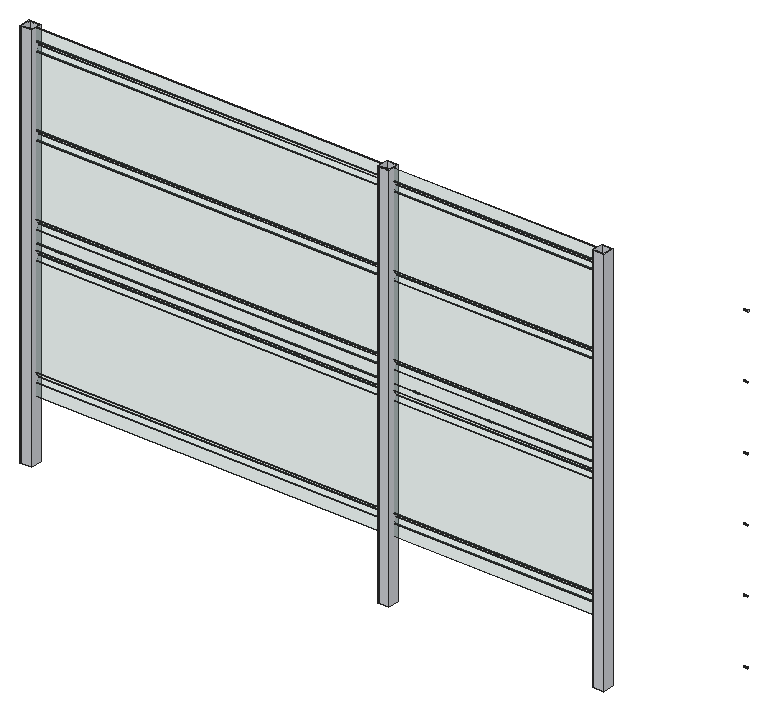
Revit family "Ограждение_Составное_Панель_3D_3100", category Специальное оборудование, Revit 2019 (continued)
Definition of nested family "В_Столб"
  Nested families
    nested 8: "В_Метизы" at (20, 0, 4965), type "Метизы"
      with Тип крепежа 1, Путь к таблице "Таблица метизов", ADSK_Наименование "Комплект метизов «В» для крепления скобы F24 (Винт М6х30 ISO 7380 А2 - 4 шт., Шайба D6 DIN 125 А2 - 4 шт.,Шайба 6 DIN 127 А2 - 4 шт.)", ADSK_Комплект "Ограждение", ADSK_Количество 1, ADSK_Код изделия "8932"
    nested 9: "В_Метизы" at (20, 0, 1319.928), type "Метизы"
      with Тип крепежа 1, Путь к таблице "Таблица метизов", ADSK_Наименование "Комплект метизов «В» для крепления скобы F24 (Винт М6х30 ISO 7380 А2 - 4 шт., Шайба D6 DIN 125 А2 - 4 шт.,Шайба 6 DIN 127 А2 - 4 шт.)", ADSK_Комплект "Ограждение", ADSK_Количество 1, ADSK_Код изделия "8932"
    nested 10: "Типовая аннотация" at (0, 0, 0) x (0, 1, 0) z (0, 0, 1), visible <- "Условное обозначение", type "Типовая аннотация"
      with Ширина 8 mm, Высота 8 mm
    nested 11: "В_Крепеж" at (0, 0, 3749.976), Тип крепежа <- "Ограничитель крепежа", ADSK_Комплект <- "ADSK_Комплект", type "Крепеж"
      with Ширина столба 0 mm, Тип крепежа 1, Путь к таблице "Таблица крепежей", Видимость метизов yes, Y насадка no, ADSK_Обозначение "Крепеж", ADSK_Наименование "Скоба F24", ADSK_Комплект "Ограждение", ADSK_Количество 1, ADSK_Код изделия "15512K"
    nested 12: "В_Метизы" at (20, 0, 3749.976), type "Метизы"
      with Тип крепежа 1, Путь к таблице "Таблица метизов", ADSK_Наименование "Комплект метизов «В» для крепления скобы F24 (Винт М6х30 ISO 7380 А2 - 4 шт., Шайба D6 DIN 125 А2 - 4 шт.,Шайба 6 DIN 127 А2 - 4 шт.)", ADSK_Комплект "Ограждение", ADSK_Количество 1, ADSK_Код изделия "8932"
  Definition of nested family "В_Винтовая опора"
    Parameters (values of type "Свая")
      Ширина столба [instance] = 60 mm
      Путь к таблице [instance] = "Опора имя"  # constant formula
      Диаметр сваи [instance] = 57 mm
      Глубина столба [instance] = 60 mm
      Высота сваи [instance] = 1000 mm
      URL = "https://www.fensys.ru/produkciya/zabivnye-svai_1.html"
      ADSK_Наименование [instance] = size_lookup(Путь к таблице, "", "Свая не найдена, проверьте параметры", Высота сваи, Диаметр сваи, Ширина столба, Глубина столба)  # "Винтовая опора 57х1000 фланец под столб 60х60"
      ADSK_Масса [instance] = size_lookup(Путь к таблице, "ADSK_Масса", 0, Высота сваи, Диаметр сваи, Ширина столба, Глубина столба)  # 5.5
      ADSK_Комплект [instance] = "Ограждение"
      ADSK_Завод-изготовитель [instance] = "FENSYS"  # constant formula
      ADSK_Единица измерения [instance] = "шт."  # constant formula
    Reference planes
      plane 1 "По центру (Вперед/Назад)": y = 0
      plane 2: z = 0
      plane 3 "По центру (Влево/Вправо)": x = 0
      plane 4 "Низ сваи": z = -1000
    Forms (mm)
      Blend 1, solid
        base sketch origin (0, 0, 0) x (1, 0, 0) y (0, 1, 0)
          loop
            circle (0, 0) r 20
        top sketch origin (0, 0, 0) x (1, 0, 0) y (0, 1, 0)
          loop
            circle (0, 0) r 57
        from -1000 to 0
    Dimensions and locks
      "Высота сваи": level to plane 4 "Низ сваи"
      "Диаметр сваи": radius of Blend 1 sketch curve
      aligned and locked: level to plane 2
      aligned and locked: level to Blend 1
      aligned and locked: Blend 1 to level
      aligned and locked: Blend 1 to plane 4 "Низ сваи"
    Automatic sketch dimensions
      plane 1 "По центру (Вперед/Назад)" to Blend 1 sketch curve = 0 mm  (x2)
      Blend 1 sketch curve to plane 3 "По центру (Влево/Вправо)" = 0 mm  (x2)
      radius of Blend 1 sketch curve = 20 mm
  Definition of nested family "В_Крепеж"
    Parameters (values of type "Крепеж")
      Ширина столба [instance] = 0 mm
      Тип крепежа [instance] = 5
      Путь к таблице [instance] = "Таблица крепежей"  # constant formula
      Manufacturer = [ADSK_Завод-изготовитель]  # "FENSYS"
      Model = "Насадки"
      Видимость метизов [instance] = not(Тип крепежа = 5)  # no
      Y насадка [instance] = yes
      URL = "https://www.fensys.ru/produkciya/krepyozh.html"
      ADSK_Обозначение [instance] = "Крепеж"  # constant formula
      ADSK_Наименование [instance] = size_lookup(Путь к таблице, "", "Не найдено", Тип крепежа)  # "Комплект крепления СББ/ПББ к насадке (Болт М6х25 DIN 933 оц - 4 шт., Зажим для крепления струны/проволоки - 4 шт., Шайба D6 DIN 125 оц. - 8 шт.,  Гайка М6 кл.8.0 DIN 934 оц. - 4 шт.)"
      ADSK_Комплект [instance] = ""
      ADSK_Количество [instance] = 1  # constant formula
      ADSK_Код изделия [instance] = size_lookup(Путь к таблице, "ADSK_Код изделия", "Не найдено", Тип крепежа)  # "8927"
      ADSK_Завод-изготовитель = "FENSYS"  # constant formula
      ADSK_Единица измерения = "шт."  # constant formula
    Reference planes
      plane 1 "По центру (Вперед/Назад)": y = 0
      plane 2: z = 0
      plane 3 "По центру (Влево/Вправо)": x = 0
      plane 4: z = 0
    Forms (mm)
      Extrusion 1, solid
        sketch origin (0, -3, 0) x (1, 0, 0) y (0, 1, 0)
          loop
            line (-20, 5.5) -> (-20, 0.5) -> (20, 0.5) -> (20, 5.5) -> (-20, 5.5)
        from -4.311 to 4.311
    Dimensions and locks
      locked: Extrusion 1 sketch curve to Extrusion 1 sketch curve at 5
      locked: Extrusion 1 sketch curve to Extrusion 1 sketch curve at 40
      aligned and locked: level to plane 2
    Nested families
      nested 1: "В_Метизы" at (20, 0, 0), Тип крепежа <- "Тип крепежа", ADSK_Комплект <- "ADSK_Комплект", visible <- "Видимость метизов", type "Метизы"
        with Тип крепежа 5, Путь к таблице "Таблица метизов", ADSK_Наименование "Комплект крепления СББ/ПББ к насадке (Болт М6х25 DIN 933 оц - 4 шт., Зажим для крепления струны/проволоки - 4 шт., Шайба D6 DIN 125 оц. - 8 шт.,  Гайка М6 кл.8.0 DIN 934 оц. - 4 шт.)", ADSK_Комплект "", ADSK_Количество 1, ADSK_Код изделия "8927"
      nested 2: "В_Метизы" at (-20, 0, 0), visible <- "Y насадка", Тип крепежа <- "Тип крепежа", ADSK_Комплект <- "ADSK_Комплект", type "Метизы"
        with Тип крепежа 5, Путь к таблице "Таблица метизов", ADSK_Наименование "Комплект крепления СББ/ПББ к насадке (Болт М6х25 DIN 933 оц - 4 шт., Зажим для крепления струны/проволоки - 4 шт., Шайба D6 DIN 125 оц. - 8 шт.,  Гайка М6 кл.8.0 DIN 934 оц. - 4 шт.)", ADSK_Комплект "", ADSK_Количество 1, ADSK_Код изделия "8927"
    Definition of nested family "В_Метизы"
      Parameters (values of type "Метизы")
        Тип крепежа [instance] = 1
        Путь к таблице [instance] = "Таблица метизов"  # constant formula
        Manufacturer = [ADSK_Завод-изготовитель]  # "FENSYS"
        URL = "https://www.fensys.ru/produkciya/krepyozh.html"
        ADSK_Наименование [instance] = size_lookup(Путь к таблице, "", "Не найдено", Тип крепежа)  # "Комплект метизов «В» для крепления скобы F24 (Винт М6х30 ISO 7380 А2 - 4 шт., Шайба D6 DIN 125 А2 - 4 шт.,Шайба 6 DIN 127 А2 - 4 шт.)"
        ADSK_Комплект [instance] = "Ограждение"
        ADSK_Количество [instance] = 1  # constant formula
        ADSK_Код изделия [instance] = size_lookup(Путь к таблице, "ADSK_Код изделия", "Не найдено", Тип крепежа)  # "8932"
        ADSK_Завод-изготовитель = "FENSYS"  # constant formula
        ADSK_Единица измерения = "шт."  # constant formula
      Reference planes
        plane 1 "По центру (Вперед/Назад)": y = 0
        plane 2: z = 0
        plane 3 "По центру (Влево/Вправо)": x = 0
        plane 4: z = 0
      Lines and regions (mm)
        reference lines
          curve 1: circle (0, 0, 0) r 0.299 normal (0, -1, 0)
        model lines
          curve 2: circle (0, 0, 0) r 0.3 normal (0, -1, 0)
      Dimensions and locks
        aligned and locked: level to plane 2
  Definition of nested family "В_Метизы"
    Parameters (values of type "Метизы")
      Тип крепежа [instance] = 1
      Путь к таблице [instance] = "Таблица метизов"  # constant formula
      Manufacturer = [ADSK_Завод-изготовитель]  # "FENSYS"
      URL = "https://www.fensys.ru/produkciya/krepyozh.html"
      ADSK_Наименование [instance] = size_lookup(Путь к таблице, "", "Не найдено", Тип крепежа)  # "Комплект метизов «В» для крепления скобы F24 (Винт М6х30 ISO 7380 А2 - 4 шт., Шайба D6 DIN 125 А2 - 4 шт.,Шайба 6 DIN 127 А2 - 4 шт.)"
      ADSK_Комплект [instance] = "Ограждение"
      ADSK_Количество [instance] = 1  # constant formula
      ADSK_Код изделия [instance] = size_lookup(Путь к таблице, "ADSK_Код изделия", "Не найдено", Тип крепежа)  # "8932"
      ADSK_Завод-изготовитель = "FENSYS"  # constant formula
      ADSK_Единица измерения = "шт."  # constant formula
    Reference planes
      plane 1 "По центру (Вперед/Назад)": y = 0
      plane 2: z = 0
      plane 3 "По центру (Влево/Вправо)": x = 0
      plane 4: z = 0
    Lines and regions (mm)
      reference lines
        curve 1: circle (0, 0, 0) r 0.299 normal (0, -1, 0)
      model lines
        curve 2: circle (0, 0, 0) r 0.3 normal (0, -1, 0)
    Dimensions and locks
      aligned and locked: level to plane 2
  Definition of nested family "Типовая аннотация"
    Parameters (values of type "Типовая аннотация")
      Ширина [instance] = 10 mm
      Высота [instance] = 10 mm
    Reference planes
      plane 1: y = 0
      plane 2: x = 0
    Lines and regions (mm)
      detail lines
        curve 1: line (-5, 5, 0) -> (5, 5, 0)
        curve 2: line (-5, -5, 0) -> (-5, 5, 0)
        curve 3: line (5, -5, 0) -> (-5, -5, 0)
        curve 4: line (5, 5, 0) -> (5, -5, 0)
      reference lines
        curve 5: line (-5, 0, 0) -> (5, 0, 0)
        curve 6: line (0, -5, 0) -> (0, 5, 0)
        curve 7: line (5, -5, 0) -> (5, 5, 0)
        curve 8: line (-5, -5, 0) -> (-5, 5, 0)
        curve 9: line (5, 5, 0) -> (-5, 5, 0)
        curve 10: line (5, -5, 0) -> (-5, -5, 0)
    Dimensions and locks
      "Высота": curve 9 to curve 10
      "Ширина": curve 8 to curve 7
      equal spacing: curve 10, plane 1, curve 9
      equal spacing: curve 8, curve 6, curve 7
      aligned and locked: plane 1 to curve 5
      aligned and locked: plane 2 to curve 6
      aligned and locked: curve 8 to curve 2
      aligned and locked: curve 1 to curve 9
      aligned and locked: curve 4 to curve 7
      aligned and locked: curve 3 to curve 10
Definition of nested family "В_Панель"
  Parameters (values of type "Панель")
    Толщина панели = 8 mm
    Тип крепежа [instance] = 0
    Таблица масса [instance] = "Панель масса"  # constant formula
    Расчетная длина [instance] = ADSK_Размер_Ширина + Отступ панели * 2  # 2600 mm
    Размер ячейки [instance] = 1
    Размер прутка [instance] = 2
    Таблица поиска = "Панель имя"  # constant formula
    Отступ панели от основания [instance] = 100 mm
    Отступ панели [instance] = 50 mm
    Manufacturer = [ADSK_Завод-изготовитель]  # "FENSYS"
    Высота дубляж [instance] = if(not(ADSK_Размер_Высота > 1530 mm), Высота V2, Высота V4)  # 1430 mm
    Высота V5 [instance] = if(V5, ADSK_Размер_Высота, 3030 mm)  # 3030 mm
    Высота V4 [instance] = if(V4, ADSK_Размер_Высота, 2830 mm)  # 2830 mm
    Высота V3 [instance] = if(V3, ADSK_Размер_Высота, 1930 mm)  # 1930 mm
    Высота V2 [instance] = if(V2, ADSK_Размер_Высота, 1430 mm)  # 1430 mm
    V5 [instance] = and(ADSK_Размер_Высота > 2830 mm, not(ADSK_Размер_Высота > 3030 mm))  # no
    V4 [instance] = and(ADSK_Размер_Высота > 1930 mm, not(ADSK_Размер_Высота > 2830 mm))  # no
    V3 [instance] = and(ADSK_Размер_Высота > 1430 mm, not(ADSK_Размер_Высота > 1930 mm))  # no
    V2 [instance] = not(ADSK_Размер_Высота > 1430 mm)  # yes
    URL = "https://www.fensys.ru/produkciya/3d-zabory.html"
    ADSK_Размер_Ширина [instance] = 2500 mm
    ADSK_Размер_Высота [instance] = 1430 mm
    ADSK_Примечание [instance] = ""
    ADSK_Обозначение [instance] = if(Размер ячейки = 1, "GUARD-G", if(Размер ячейки = 2, "GUARD-T", "GUARD"))  # "GUARD-G"
    ADSK_Наименование [instance] = size_lookup(Таблица поиска, "", "Панель под подрезку", ADSK_Размер_Ширина, ADSK_Размер_Высота, Размер ячейки, Размер прутка)  # "Панель 3D серии GUARD-T: HxW (высота х ширина) 1430x2505 (+-2) мм, пруток D=5 мм, ячейка = 50х150 мм, V-образных изгибов 2"
    ADSK_Материал = none
    ADSK_Масса [instance] = size_lookup(Таблица масса, "ADSK_Масса", 0, ADSK_Размер_Ширина, ADSK_Размер_Высота, Размер ячейки, Размер прутка)  # 15.6
    ADSK_Комплект [instance] = "Ограждение"
    ADSK_Код изделия [instance] = size_lookup(Таблица поиска, "ADSK_Код изделия", " ", ADSK_Размер_Ширина, ADSK_Размер_Высота, Размер ячейки, Размер прутка)  # "16850"
    ADSK_Завод-изготовитель = "FENSYS"  # constant formula
    ADSK_Единица измерения = "шт."  # constant formula
  Reference planes
    plane 1 "По центру (Вперед/Назад)": y = 0
    plane 2 "Низ панели": z = 0
    plane 3 "По центру (Влево/Вправо)": x = 0
    plane 4: x = 2550
    plane 5: x = 50
    plane 6 "Верх панели": z = 2930
    plane 7: x = 2600
    plane 8: z = 100
    plane 9: y = -4
    plane 10: y = 4
    plane 11: z = 1515.128
    plane 12: z = 250
    plane 13: z = 1430
    plane 14: z = 210
    plane 15: z = 290
    plane 16: z = 1470
    plane 17: z = 1390
    plane 18: y = 30
    plane 19: z = 1530
    plane 20: z = 250
    plane 21: z = 2780
    plane 22: z = 210
    plane 23: z = 290
    plane 24: z = 2820
    plane 25: z = 2740
    plane 26: y = 30
    plane 27: z = 1936.667
    plane 28: z = 1093.333
    plane 29: z = 1976.667
    plane 30: z = 1896.667
    plane 31: z = 1053.333
    plane 32: z = 1133.333
    plane 33: z = 250
    plane 34: z = 1880
    plane 35: z = 210
    plane 36: z = 290
    plane 37: z = 1920
    plane 38: z = 1840
    plane 39: y = 30
    plane 40: z = 1065
    plane 41: z = 1025
    plane 42: z = 1105
    plane 43 "По центру Л/Р": z = 2030
    plane 44: z = 250
    plane 45: z = 2980
    plane 46: z = 210
    plane 47: z = 290
    plane 48: z = 3020
    plane 49: z = 2940
    plane 50: y = 30
    plane 51: z = 2297.5
    plane 52: z = 932.5
    plane 53: z = 2337.5
    plane 54: z = 2257.5
    plane 55: z = 892.5
    plane 56: z = 972.5
    plane 57 "V5": z = 3130
    plane 58: z = 1615
    plane 59: z = 1575
    plane 60: z = 1655
    plane 61 "Высота для крепежа": z = 1530
  Forms (mm)
    Extrusion 1, solid, material <- "ADSK_Материал", visible <- "V2", detail levels medium+fine
      sketch origin (0, 0, 0) x (0, 1, 0) y (0, 0, 1)
        loop
          line (-4, 1530) -> (-4, 1470) -> (22, 1430) -> (-4, 1390) -> (-4, 290) -> (22, 250) -> (-4, 210) -> (-4, 100) -> (4, 100) -> (4, 210) -> (30, 250) -> (4, 290) -> (4, 1390) -> (30, 1430) -> (4, 1470) -> (4, 1530) -> (-4, 1530)
      from 50 to 2550
    Extrusion 2, solid, material <- "ADSK_Материал", visible <- "V4", detail levels medium+fine
      sketch origin (0, 0, 119.872) x (0, 1, 0) y (0, 0, 1)
        loop
          line (-4, 2810.128) -> (-4, 2700.128) -> (22, 2660.128) -> (-4, 2620.128) -> (-4, 1856.795) -> (22, 1816.795) -> (-4, 1776.795) -> (-4, 1013.462) -> (22, 973.462) -> (-4, 933.462) -> (-4, 170.128) -> (22, 130.128) -> (-4, 90.128) -> (-4, -19.872) -> (4, -19.872) -> (4, 90.128) -> (30, 130.128) -> (4, 170.128) -> (4, 933.462) -> (30, 973.462) -> (4, 1013.462) -> (4, 1776.795) -> (30, 1816.795) -> (4, 1856.795) -> (4, 2620.128) -> (30, 2660.128) -> (4, 2700.128) -> (4, 2810.128) -> (-4, 2810.128)
      from 50 to 2550
    Extrusion 3, solid, material <- "ADSK_Материал", visible <- "V3", detail levels medium+fine
      sketch origin (0, 0, 119.872) x (0, 1, 0) y (0, 0, 1)
        loop
          line (-4, 1910.128) -> (-4, 1800.128) -> (22, 1760.128) -> (-4, 1720.128) -> (-4, 985.128) -> (22, 945.128) -> (-4, 905.128) -> (-4, 170.128) -> (22, 130.128) -> (-4, 90.128) -> (-4, -19.872) -> (4, -19.872) -> (4, 90.128) -> (30, 130.128) -> (4, 170.128) -> (4, 905.128) -> (30, 945.128) -> (4, 985.128) -> (4, 1720.128) -> (30, 1760.128) -> (4, 1800.128) -> (4, 1910.128) -> (-4, 1910.128)
      from 50 to 2550
    Extrusion 4, solid, material <- "ADSK_Материал", visible <- "V5", detail levels medium+fine
      sketch origin (0, 0, 119.872) x (0, 1, 0) y (0, 0, 1)
        loop
          line (-4, 3010.128) -> (-4, 2900.128) -> (22, 2860.128) -> (-4, 2820.128) -> (-4, 2217.628) -> (22, 2177.628) -> (-4, 2137.628) -> (-4, 1535.128) -> (22, 1495.128) -> (-4, 1455.128) -> (-4, 852.628) -> (22, 812.628) -> (-4, 772.628) -> (-4, 170.128) -> (22, 130.128) -> (-4, 90.128) -> (-4, -19.872) -> (4, -19.872) -> (4, 90.128) -> (30, 130.128) -> (4, 170.128) -> (4, 772.628) -> (30, 812.628) -> (4, 852.628) -> (4, 1455.128) -> (30, 1495.128) -> (4, 1535.128) -> (4, 2137.628) -> (30, 2177.628) -> (4, 2217.628) -> (4, 2820.128) -> (30, 2860.128) -> (4, 2900.128) -> (4, 3010.128) -> (-4, 3010.128)
      from 50 to 2550
    Extrusion 5, solid, material <- "ADSK_Материал", detail levels coarse
      sketch origin (0, 0, 0) x (1, 0, 0) y (0, 1, 0)
        loop
          line (50, 4) -> (50, -4) -> (2550, -4) -> (2550, 4) -> (50, 4)
      from 100 to 1530
  Dimensions and locks
    "ADSK_Размер_Ширина": plane 5 to plane 4
    "Отступ панели": plane 4 to plane 7
    "Отступ панели": plane 3 "По центру (Влево/Вправо)" to plane 5
    "Расчетная длина": plane 3 "По центру (Влево/Вправо)" to plane 7
    "Отступ панели от основания": plane 8 to level
    equal spacing: plane 9, plane 1 "По центру (Вперед/Назад)", plane 10
    "Толщина панели": plane 10 to plane 9
    "Высота V4": plane 6 "Верх панели" to plane 8
    locked: plane 12 to plane 8 at 150
    locked: plane 12 to plane 14 at 40
    equal spacing: plane 15, plane 12, plane 14
    locked: plane 13 to plane 17 at 40
    equal spacing: plane 16, plane 13, plane 17
    locked: plane 1 "По центру (Вперед/Назад)" to plane 18 at 30
    locked: plane 19 to plane 13 at 100
    "Высота V2": plane 19 to plane 8
    locked: plane 20 to plane 22 at 40
    equal spacing: plane 23, plane 20, plane 22
    locked: plane 21 to plane 25 at 40
    equal spacing: plane 24, plane 21, plane 25
    equal spacing: plane 21, plane 27, plane 28, plane 20
    locked: plane 27 to plane 30 at 40
    locked: plane 32 to plane 28 at 40
    equal spacing: plane 29, plane 27, plane 30
    equal spacing: plane 32, plane 28, plane 31
    Extrusion 2 sketch curve to Extrusion 2 sketch curve = 8 mm  (x2)
    locked: plane 6 "Верх панели" to plane 21 at 150
    locked: plane 20 to plane 8 at 150
    locked: plane 33 to plane 35 at 40
    equal spacing: plane 36, plane 33, plane 35
    locked: plane 34 to plane 38 at 40
    equal spacing: plane 37, plane 34, plane 38
    equal spacing: plane 34, plane 40, plane 33
    locked: plane 42 to plane 40 at 40
    equal spacing: plane 42, plane 40, plane 41
    Extrusion 3 sketch curve to Extrusion 3 sketch curve = 8 mm
    plane 33 to plane 8 = 150 mm
    "Высота V3": plane 43 "По центру Л/Р" to plane 8
    locked: plane 43 "По центру Л/Р" to plane 34 at 150
    locked: plane 44 to plane 46 at 40
    equal spacing: plane 47, plane 44, plane 46
    locked: plane 45 to plane 49 at 40
    equal spacing: plane 48, plane 45, plane 49
    equal spacing: plane 45, plane 51, plane 58, plane 52, plane 44
    locked: plane 51 to plane 54 at 40
    locked: plane 56 to plane 52 at 40
    equal spacing: plane 53, plane 51, plane 54
    equal spacing: plane 56, plane 52, plane 55
    Extrusion 4 sketch curve to Extrusion 4 sketch curve = 8 mm  (x3)
    locked: plane 44 to plane 8 at 150
    locked: plane 57 "V5" to plane 45 at 150
    locked: plane 60 to plane 58 at 40
    equal spacing: plane 60, plane 58, plane 59
    "Высота V5": plane 57 "V5" to plane 8
    "ADSK_Размер_Высота": plane 61 "Высота для крепежа" to plane 8
    aligned and locked: level to plane 2 "Низ панели"
    aligned and locked: plane 16 to Extrusion 1 sketch curve  (x2)
    aligned and locked: plane 13 to Extrusion 1 sketch curve  (x2)
    aligned and locked: plane 18 to Extrusion 1 sketch curve
    aligned and locked: Extrusion 1 sketch curve to plane 18
    aligned and locked: plane 12 to Extrusion 1 sketch curve  (x2)
    aligned and locked: plane 15 to Extrusion 1 sketch curve  (x2)
    aligned and locked: plane 14 to Extrusion 1 sketch curve  (x2)
    aligned and locked: Extrusion 1 sketch curve to plane 9  (x2)
    aligned and locked: Extrusion 1 sketch curve to plane 10  (x3)
    aligned and locked: Extrusion 1 sketch curve to plane 8
    aligned and locked: plane 4 to Extrusion 1
    aligned and locked: Extrusion 1 to plane 5
    aligned and locked: plane 19 to Extrusion 1 sketch curve
    aligned and locked: plane 24 to Extrusion 2 sketch curve  (x2)
    aligned and locked: plane 21 to Extrusion 2 sketch curve  (x2)
    aligned and locked: plane 26 to Extrusion 2 sketch curve  (x3)
    aligned and locked: Extrusion 2 sketch curve to plane 26
    aligned and locked: plane 20 to Extrusion 2 sketch curve  (x2)
    aligned and locked: plane 23 to Extrusion 2 sketch curve  (x2)
    aligned and locked: plane 22 to Extrusion 2 sketch curve  (x2)
    aligned and locked: plane 31 to Extrusion 2 sketch curve  (x2)
    aligned and locked: plane 29 to Extrusion 2 sketch curve  (x2)
    aligned and locked: plane 27 to Extrusion 2 sketch curve  (x2)
    aligned and locked: plane 30 to Extrusion 2 sketch curve  (x2)
    aligned and locked: plane 28 to Extrusion 2 sketch curve  (x2)
    aligned and locked: plane 32 to Extrusion 2 sketch curve  (x2)
    aligned and locked: plane 37 to Extrusion 3 sketch curve  (x2)
    aligned and locked: plane 34 to Extrusion 3 sketch curve  (x2)
    aligned and locked: plane 39 to Extrusion 3 sketch curve
    aligned and locked: Extrusion 3 sketch curve to plane 39  (x2)
    aligned and locked: plane 33 to Extrusion 3 sketch curve  (x2)
    aligned and locked: plane 36 to Extrusion 3 sketch curve  (x2)
    aligned and locked: plane 35 to Extrusion 3 sketch curve  (x2)
    aligned and locked: plane 41 to Extrusion 3 sketch curve  (x2)
    aligned and locked: plane 40 to Extrusion 3 sketch curve  (x2)
    aligned and locked: plane 43 "По центру Л/Р" to Extrusion 3
    aligned and locked: plane 48 to Extrusion 4 sketch curve  (x2)
    aligned and locked: plane 45 to Extrusion 4 sketch curve  (x2)
    aligned and locked: plane 50 to Extrusion 4 sketch curve  (x4)
    aligned and locked: Extrusion 4 sketch curve to plane 50
    aligned and locked: plane 44 to Extrusion 4 sketch curve  (x2)
    aligned and locked: plane 47 to Extrusion 4 sketch curve  (x2)
    aligned and locked: plane 46 to Extrusion 4 sketch curve  (x2)
    aligned and locked: plane 55 to Extrusion 4 sketch curve  (x2)
    aligned and locked: plane 53 to Extrusion 4 sketch curve  (x2)
    aligned and locked: plane 51 to Extrusion 4 sketch curve  (x2)
    aligned and locked: plane 54 to Extrusion 4 sketch curve  (x2)
    aligned and locked: plane 52 to Extrusion 4 sketch curve  (x2)
    aligned and locked: plane 56 to Extrusion 4 sketch curve  (x2)
    aligned and locked: plane 57 "V5" to Extrusion 4  (x2)
    aligned and locked: plane 58 to Extrusion 4 sketch curve  (x2)
    aligned and locked: plane 59 to Extrusion 4 sketch curve  (x2)
    aligned and locked: plane 60 to Extrusion 4 sketch curve  (x2)
    aligned and locked: plane 4 to Extrusion 4
    aligned and locked: plane 4 to Extrusion 3
    aligned and locked: Extrusion 4 to plane 4  (x5)
    aligned and locked: plane 4 to Extrusion 2
    aligned and locked: Extrusion 4 to plane 5
    aligned and locked: Extrusion 3 to plane 5
    aligned and locked: Extrusion 2 to plane 5
    aligned and locked: plane 5 to Extrusion 4
    aligned and locked: Extrusion 5 sketch curve to plane 9
    aligned and locked: plane 10 to Extrusion 5 sketch curve
    aligned and locked: Extrusion 5 to plane 5
    aligned and locked: plane 4 to Extrusion 5
    aligned and locked: Extrusion 5 to plane 8
    aligned and locked: Extrusion 5 to plane 61 "Высота для крепежа"
  Automatic sketch dimensions
    Extrusion 1 sketch curve to plane 9 = 0 mm
    Extrusion 1 sketch curve to plane 17 = 0 mm  (x2)
    Extrusion 1 sketch curve to plane 18 = 8 mm
    Extrusion 1 sketch curve to Extrusion 1 sketch curve = 8 mm
    Extrusion 2 sketch curve to plane 6 "Верх панели" = 0 mm
    Extrusion 2 sketch curve to plane 9 = 0 mm  (x5)
    Extrusion 2 sketch curve to plane 8 = 0 mm
    Extrusion 2 sketch curve to plane 10 = 0 mm  (x5)
    Extrusion 2 sketch curve to plane 25 = 0 mm  (x2)
    Extrusion 2 sketch curve to Extrusion 2 sketch curve = 8 mm
    Extrusion 2 sketch curve to plane 26 = 8 mm
    Extrusion 3 sketch curve to plane 9 = 0 mm  (x4)
    Extrusion 3 sketch curve to plane 8 = 0 mm
    Extrusion 3 sketch curve to plane 10 = 0 mm  (x4)
    Extrusion 3 sketch curve to plane 42 = 0 mm  (x2)
    Extrusion 3 sketch curve to plane 38 = 0 mm  (x2)
    Extrusion 3 sketch curve to plane 43 "По центру Л/Р" = 0 mm
    Extrusion 3 sketch curve to plane 39 = 8 mm
    Extrusion 3 sketch curve to Extrusion 3 sketch curve = 8 mm
    plane 6 "Верх панели" to Extrusion 4 sketch curve = 200 mm
    Extrusion 4 sketch curve to plane 8 = 0 mm
    Extrusion 4 sketch curve to plane 49 = 0 mm  (x2)
    Extrusion 4 sketch curve to Extrusion 4 sketch curve = 8 mm  (x7)
    Extrusion 4 sketch curve to plane 50 = 26 mm  (x5)
    Extrusion 4 sketch curve to plane 50 = 8 mm
    Extrusion 4 sketch curve to plane 50 = 34 mm
    plane 5 to Extrusion 5 sketch curve = 0 mm
    Extrusion 5 sketch curve to Extrusion 5 sketch curve = 2500 mm
Definition of nested family "В_Крепеж"
  Parameters (values of type "Крепеж")
    Ширина столба [instance] = 0 mm
    Тип крепежа [instance] = 5
    Путь к таблице [instance] = "Таблица крепежей"  # constant formula
    Manufacturer = [ADSK_Завод-изготовитель]  # "FENSYS"
    Model = "Насадки"
    Видимость метизов [instance] = not(Тип крепежа = 5)  # no
    Y насадка [instance] = yes
    URL = "https://www.fensys.ru/produkciya/krepyozh.html"
    ADSK_Обозначение [instance] = "Крепеж"  # constant formula
    ADSK_Наименование [instance] = size_lookup(Путь к таблице, "", "Не найдено", Тип крепежа)  # "Комплект крепления СББ/ПББ к насадке (Болт М6х25 DIN 933 оц - 4 шт., Зажим для крепления струны/проволоки - 4 шт., Шайба D6 DIN 125 оц. - 8 шт.,  Гайка М6 кл.8.0 DIN 934 оц. - 4 шт.)"
    ADSK_Комплект [instance] = ""
    ADSK_Количество [instance] = 1  # constant formula
    ADSK_Код изделия [instance] = size_lookup(Путь к таблице, "ADSK_Код изделия", "Не найдено", Тип крепежа)  # "8927"
    ADSK_Завод-изготовитель = "FENSYS"  # constant formula
    ADSK_Единица измерения = "шт."  # constant formula
  Reference planes
    plane 1 "По центру (Вперед/Назад)": y = 0
    plane 2: z = 0
    plane 3 "По центру (Влево/Вправо)": x = 0
    plane 4: z = 0
  Forms (mm)
    Extrusion 1, solid
      sketch origin (0, -3, 0) x (1, 0, 0) y (0, 1, 0)
        loop
          line (-20, 5.5) -> (-20, 0.5) -> (20, 0.5) -> (20, 5.5) -> (-20, 5.5)
      from -4.311 to 4.311
  Dimensions and locks
    locked: Extrusion 1 sketch curve to Extrusion 1 sketch curve at 5
    locked: Extrusion 1 sketch curve to Extrusion 1 sketch curve at 40
    aligned and locked: level to plane 2
  Nested families
    nested 1: "В_Метизы" at (20, 0, 0), Тип крепежа <- "Тип крепежа", ADSK_Комплект <- "ADSK_Комплект", visible <- "Видимость метизов", type "Метизы"
      with Тип крепежа 5, Путь к таблице "Таблица метизов", ADSK_Наименование "Комплект крепления СББ/ПББ к насадке (Болт М6х25 DIN 933 оц - 4 шт., Зажим для крепления струны/проволоки - 4 шт., Шайба D6 DIN 125 оц. - 8 шт.,  Гайка М6 кл.8.0 DIN 934 оц. - 4 шт.)", ADSK_Комплект "", ADSK_Количество 1, ADSK_Код изделия "8927"
    nested 2: "В_Метизы" at (-20, 0, 0), visible <- "Y насадка", Тип крепежа <- "Тип крепежа", ADSK_Комплект <- "ADSK_Комплект", type "Метизы"
      with Тип крепежа 5, Путь к таблице "Таблица метизов", ADSK_Наименование "Комплект крепления СББ/ПББ к насадке (Болт М6х25 DIN 933 оц - 4 шт., Зажим для крепления струны/проволоки - 4 шт., Шайба D6 DIN 125 оц. - 8 шт.,  Гайка М6 кл.8.0 DIN 934 оц. - 4 шт.)", ADSK_Комплект "", ADSK_Количество 1, ADSK_Код изделия "8927"
  Definition of nested family "В_Метизы"
    Parameters (values of type "Метизы")
      Тип крепежа [instance] = 1
      Путь к таблице [instance] = "Таблица метизов"  # constant formula
      Manufacturer = [ADSK_Завод-изготовитель]  # "FENSYS"
      URL = "https://www.fensys.ru/produkciya/krepyozh.html"
      ADSK_Наименование [instance] = size_lookup(Путь к таблице, "", "Не найдено", Тип крепежа)  # "Комплект метизов «В» для крепления скобы F24 (Винт М6х30 ISO 7380 А2 - 4 шт., Шайба D6 DIN 125 А2 - 4 шт.,Шайба 6 DIN 127 А2 - 4 шт.)"
      ADSK_Комплект [instance] = "Ограждение"
      ADSK_Количество [instance] = 1  # constant formula
      ADSK_Код изделия [instance] = size_lookup(Путь к таблице, "ADSK_Код изделия", "Не найдено", Тип крепежа)  # "8932"
      ADSK_Завод-изготовитель = "FENSYS"  # constant formula
      ADSK_Единица измерения = "шт."  # constant formula
    Reference planes
      plane 1 "По центру (Вперед/Назад)": y = 0
      plane 2: z = 0
      plane 3 "По центру (Влево/Вправо)": x = 0
      plane 4: z = 0
    Lines and regions (mm)
      reference lines
        curve 1: circle (0, 0, 0) r 0.299 normal (0, -1, 0)
      model lines
        curve 2: circle (0, 0, 0) r 0.3 normal (0, -1, 0)
    Dimensions and locks
      aligned and locked: level to plane 2
Definition of nested family "В_Метизы"
  Parameters (values of type "Метизы")
    Тип крепежа [instance] = 1
    Путь к таблице [instance] = "Таблица метизов"  # constant formula
    Manufacturer = [ADSK_Завод-изготовитель]  # "FENSYS"
    URL = "https://www.fensys.ru/produkciya/krepyozh.html"
    ADSK_Наименование [instance] = size_lookup(Путь к таблице, "", "Не найдено", Тип крепежа)  # "Комплект метизов «В» для крепления скобы F24 (Винт М6х30 ISO 7380 А2 - 4 шт., Шайба D6 DIN 125 А2 - 4 шт.,Шайба 6 DIN 127 А2 - 4 шт.)"
    ADSK_Комплект [instance] = "Ограждение"
    ADSK_Количество [instance] = 1  # constant formula
    ADSK_Код изделия [instance] = size_lookup(Путь к таблице, "ADSK_Код изделия", "Не найдено", Тип крепежа)  # "8932"
    ADSK_Завод-изготовитель = "FENSYS"  # constant formula
    ADSK_Единица измерения = "шт."  # constant formula
  Reference planes
    plane 1 "По центру (Вперед/Назад)": y = 0
    plane 2: z = 0
    plane 3 "По центру (Влево/Вправо)": x = 0
    plane 4: z = 0
  Lines and regions (mm)
    reference lines
      curve 1: circle (0, 0, 0) r 0.299 normal (0, -1, 0)
    model lines
      curve 2: circle (0, 0, 0) r 0.3 normal (0, -1, 0)
  Dimensions and locks
    aligned and locked: level to plane 2
Definition of nested family "В_Крепеж_межпанельный"
  Parameters (values of type "В_Крепеж_межпанельный")
    Ширина столба [instance] = 100 mm
    Шаг столбов [instance] = 500 mm
    Тип крепежа [instance] = 1  # constant formula
    Ограничитель длины [instance] = if(not(Длина панели > 0 mm), 1 mm, Длина панели)  # 400 mm
    Длина панели [instance] = Шаг столбов - Ширина столба  # 400 mm
    Видимость одного крепежа [instance] = no
    Видимость массива [instance] = yes
    N межпанельно крепежа [instance] = if(not(Длина панели < 2500 mm), 4, if(and(Длина панели < 2500 mm, not(Длина панели < 1500 mm)), 3, 2))  # 2
    ADSK_Комплект [instance] = "Ограждение"
  Reference planes
    plane 1 "По центру (Вперед/Назад)": y = 0
    plane 2: z = 0
    plane 3 "По центру (Влево/Вправо)": x = 0
    plane 4: x = 200
    plane 5: x = -200
  Dimensions and locks
    "Ограничитель длины": plane 5 to plane 4
    equal spacing: plane 5, plane 3 "По центру (Влево/Вправо)", plane 4
    group 2 to group 1 = 100 mm
    group 1 to group 2 = 0 mm  (x2)
    locked: nested 3 to plane 4 at 250
    locked: plane 5 to nested 1 at 250
    aligned and locked: level to plane 2
    aligned and locked: plane 1 "По центру (Вперед/Назад)" to nested 1
    aligned and locked: plane 3 "По центру (Влево/Вправо)" to nested 5
    aligned and locked: plane 1 "По центру (Вперед/Назад)" to nested 5
  Nested families
    nested 1: "В_Крепеж" at (50, 0, 0), Тип крепежа <- "Тип крепежа", ADSK_Комплект <- "ADSK_Комплект", visible <- "Видимость массива", type "Крепеж"
      with Ширина столба 0 mm, Тип крепежа 1, Путь к таблице "Таблица крепежей", Видимость метизов yes, Y насадка no, ADSK_Обозначение "Крепеж", ADSK_Наименование "Скоба F24", ADSK_Комплект "Ограждение", ADSK_Количество 1, ADSK_Код изделия "15512K"
    nested 2: "В_Метизы" at (70, 0, 0), type "Метизы"
      with Тип крепежа 1, Путь к таблице "Таблица метизов", ADSK_Наименование "Комплект метизов «В» для крепления скобы F24 (Винт М6х30 ISO 7380 А2 - 4 шт., Шайба D6 DIN 125 А2 - 4 шт.,Шайба 6 DIN 127 А2 - 4 шт.)", ADSK_Комплект "Ограждение", ADSK_Количество 1, ADSK_Код изделия "8932"
    nested 3: "В_Крепеж" at (-50, 0, 0), Тип крепежа <- "Тип крепежа", ADSK_Комплект <- "ADSK_Комплект", visible <- "Видимость массива", type "Крепеж"
      with Ширина столба 0 mm, Тип крепежа 1, Путь к таблице "Таблица крепежей", Видимость метизов yes, Y насадка no, ADSK_Обозначение "Крепеж", ADSK_Наименование "Скоба F24", ADSK_Комплект "Ограждение", ADSK_Количество 1, ADSK_Код изделия "15512K"
    nested 4: "В_Метизы" at (-30, 0, 0), type "Метизы"
      with Тип крепежа 1, Путь к таблице "Таблица метизов", ADSK_Наименование "Комплект метизов «В» для крепления скобы F24 (Винт М6х30 ISO 7380 А2 - 4 шт., Шайба D6 DIN 125 А2 - 4 шт.,Шайба 6 DIN 127 А2 - 4 шт.)", ADSK_Комплект "Ограждение", ADSK_Количество 1, ADSK_Код изделия "8932"
    nested 5: "В_Крепеж" at (0, 0, 0), visible <- "Видимость одного крепежа", type "Крепеж"
      with Ширина столба 0 mm, Тип крепежа 1, Путь к таблице "Таблица крепежей", Видимость метизов yes, Y насадка yes, ADSK_Обозначение "Крепеж", ADSK_Наименование "Скоба F24", ADSK_Комплект "Ограждение", ADSK_Количество 1, ADSK_Код изделия "15512K"
    nested 6: "В_Метизы" at (20, 0, 0), type "Метизы"
      with Тип крепежа 1, Путь к таблице "Таблица метизов", ADSK_Наименование "Комплект метизов «В» для крепления скобы F24 (Винт М6х30 ISO 7380 А2 - 4 шт., Шайба D6 DIN 125 А2 - 4 шт.,Шайба 6 DIN 127 А2 - 4 шт.)", ADSK_Комплект "Ограждение", ADSK_Количество 1, ADSK_Код изделия "8932"
    nested 7: "В_Метизы" at (-20, 0, 0), type "Метизы"
      with Тип крепежа 1, Путь к таблице "Таблица метизов", ADSK_Наименование "Комплект метизов «В» для крепления скобы F24 (Винт М6х30 ISO 7380 А2 - 4 шт., Шайба D6 DIN 125 А2 - 4 шт.,Шайба 6 DIN 127 А2 - 4 шт.)", ADSK_Комплект "Ограждение", ADSK_Количество 1, ADSK_Код изделия "8932"
  Definition of nested family "В_Крепеж"
    Parameters (values of type "Крепеж")
      Ширина столба [instance] = 0 mm
      Тип крепежа [instance] = 5
      Путь к таблице [instance] = "Таблица крепежей"  # constant formula
      Manufacturer = [ADSK_Завод-изготовитель]  # "FENSYS"
      Model = "Насадки"
      Видимость метизов [instance] = not(Тип крепежа = 5)  # no
      Y насадка [instance] = yes
      URL = "https://www.fensys.ru/produkciya/krepyozh.html"
      ADSK_Обозначение [instance] = "Крепеж"  # constant formula
      ADSK_Наименование [instance] = size_lookup(Путь к таблице, "", "Не найдено", Тип крепежа)  # "Комплект крепления СББ/ПББ к насадке (Болт М6х25 DIN 933 оц - 4 шт., Зажим для крепления струны/проволоки - 4 шт., Шайба D6 DIN 125 оц. - 8 шт.,  Гайка М6 кл.8.0 DIN 934 оц. - 4 шт.)"
      ADSK_Комплект [instance] = ""
      ADSK_Количество [instance] = 1  # constant formula
      ADSK_Код изделия [instance] = size_lookup(Путь к таблице, "ADSK_Код изделия", "Не найдено", Тип крепежа)  # "8927"
      ADSK_Завод-изготовитель = "FENSYS"  # constant formula
      ADSK_Единица измерения = "шт."  # constant formula
    Reference planes
      plane 1 "По центру (Вперед/Назад)": y = 0
      plane 2: z = 0
      plane 3 "По центру (Влево/Вправо)": x = 0
      plane 4: z = 0
    Forms (mm)
      Extrusion 1, solid
        sketch origin (0, -3, 0) x (1, 0, 0) y (0, 1, 0)
          loop
            line (-20, 5.5) -> (-20, 0.5) -> (20, 0.5) -> (20, 5.5) -> (-20, 5.5)
        from -4.311 to 4.311
    Dimensions and locks
      locked: Extrusion 1 sketch curve to Extrusion 1 sketch curve at 5
      locked: Extrusion 1 sketch curve to Extrusion 1 sketch curve at 40
      aligned and locked: level to plane 2
    Nested families
      nested 1: "В_Метизы" at (20, 0, 0), Тип крепежа <- "Тип крепежа", ADSK_Комплект <- "ADSK_Комплект", visible <- "Видимость метизов", type "Метизы"
        with Тип крепежа 5, Путь к таблице "Таблица метизов", ADSK_Наименование "Комплект крепления СББ/ПББ к насадке (Болт М6х25 DIN 933 оц - 4 шт., Зажим для крепления струны/проволоки - 4 шт., Шайба D6 DIN 125 оц. - 8 шт.,  Гайка М6 кл.8.0 DIN 934 оц. - 4 шт.)", ADSK_Комплект "", ADSK_Количество 1, ADSK_Код изделия "8927"
      nested 2: "В_Метизы" at (-20, 0, 0), visible <- "Y насадка", Тип крепежа <- "Тип крепежа", ADSK_Комплект <- "ADSK_Комплект", type "Метизы"
        with Тип крепежа 5, Путь к таблице "Таблица метизов", ADSK_Наименование "Комплект крепления СББ/ПББ к насадке (Болт М6х25 DIN 933 оц - 4 шт., Зажим для крепления струны/проволоки - 4 шт., Шайба D6 DIN 125 оц. - 8 шт.,  Гайка М6 кл.8.0 DIN 934 оц. - 4 шт.)", ADSK_Комплект "", ADSK_Количество 1, ADSK_Код изделия "8927"
    Definition of nested family "В_Метизы"
      Parameters (values of type "Метизы")
        Тип крепежа [instance] = 1
        Путь к таблице [instance] = "Таблица метизов"  # constant formula
        Manufacturer = [ADSK_Завод-изготовитель]  # "FENSYS"
        URL = "https://www.fensys.ru/produkciya/krepyozh.html"
        ADSK_Наименование [instance] = size_lookup(Путь к таблице, "", "Не найдено", Тип крепежа)  # "Комплект метизов «В» для крепления скобы F24 (Винт М6х30 ISO 7380 А2 - 4 шт., Шайба D6 DIN 125 А2 - 4 шт.,Шайба 6 DIN 127 А2 - 4 шт.)"
        ADSK_Комплект [instance] = "Ограждение"
        ADSK_Количество [instance] = 1  # constant formula
        ADSK_Код изделия [instance] = size_lookup(Путь к таблице, "ADSK_Код изделия", "Не найдено", Тип крепежа)  # "8932"
        ADSK_Завод-изготовитель = "FENSYS"  # constant formula
        ADSK_Единица измерения = "шт."  # constant formula
      Reference planes
        plane 1 "По центру (Вперед/Назад)": y = 0
        plane 2: z = 0
        plane 3 "По центру (Влево/Вправо)": x = 0
        plane 4: z = 0
      Lines and regions (mm)
        reference lines
          curve 1: circle (0, 0, 0) r 0.299 normal (0, -1, 0)
        model lines
          curve 2: circle (0, 0, 0) r 0.3 normal (0, -1, 0)
      Dimensions and locks
        aligned and locked: level to plane 2
  Definition of nested family "В_Метизы"
    Parameters (values of type "Метизы")
      Тип крепежа [instance] = 1
      Путь к таблице [instance] = "Таблица метизов"  # constant formula
      Manufacturer = [ADSK_Завод-изготовитель]  # "FENSYS"
      URL = "https://www.fensys.ru/produkciya/krepyozh.html"
      ADSK_Наименование [instance] = size_lookup(Путь к таблице, "", "Не найдено", Тип крепежа)  # "Комплект метизов «В» для крепления скобы F24 (Винт М6х30 ISO 7380 А2 - 4 шт., Шайба D6 DIN 125 А2 - 4 шт.,Шайба 6 DIN 127 А2 - 4 шт.)"
      ADSK_Комплект [instance] = "Ограждение"
      ADSK_Количество [instance] = 1  # constant formula
      ADSK_Код изделия [instance] = size_lookup(Путь к таблице, "ADSK_Код изделия", "Не найдено", Тип крепежа)  # "8932"
      ADSK_Завод-изготовитель = "FENSYS"  # constant formula
      ADSK_Единица измерения = "шт."  # constant formula
    Reference planes
      plane 1 "По центру (Вперед/Назад)": y = 0
      plane 2: z = 0
      plane 3 "По центру (Влево/Вправо)": x = 0
      plane 4: z = 0
    Lines and regions (mm)
      reference lines
        curve 1: circle (0, 0, 0) r 0.299 normal (0, -1, 0)
      model lines
        curve 2: circle (0, 0, 0) r 0.3 normal (0, -1, 0)
    Dimensions and locks
      aligned and locked: level to plane 2
Types (10, lengths in mm): name | Ширина столба | Ширина резаной | Шаг столбов | Толщина стенки столба | С фланцем под В.О. | С фланцем | Шаг последнего столба | Показать средний столб | Под бетонирование | Отступ панели | built-in parameter 1001306 | Глубина столба | Высота столба | Высота панели | Высота нижней панели | Высота межпанельного крепежа | Ограничитель высоты | Высота забора | Высота верхней панели | Выбор типа основания | Видимость соединителей первой панели | Видимость массива соединителей последней панели | Видимость одного соединителя последней панели | Видимость массива столбов | Видимость соединителей массива | Видимость массива панелей | Видимость 1ой панели | N столбов в массиве | N панелей в массиве | N панелей | ADSK_Размер_Длина | ADSK_Наименование
  Панель 3100_Под винт_Столб 60х60 | 60 | 300 | 3160 | 2 | yes | no | 360 | no | no | 30 | 13000 | 60 | 3000 | 2960 | 1230 | 1270 | 3000 | 3000 | 1730 | 0 | no | no | no | yes | yes | yes | no | 4 | 4 | 5 | 13000 | "Ограждение составное 3д - Панель 3100_Под винт_Столб 60х60"
  Панель 3100_Под бетон_Столб 80х80 | 80 | 700 | 3180 | 2 | no | no | 780 | no | yes | 40 | 13500 | 80 | 3000 | 2960 | 1230 | 1270 | 3000 | 3000 | 1730 | 1 | no | no | yes | yes | yes | yes | no | 4 | 4 | 5 | 13500 | "Ограждение составное 3д - Панель 3100_Под бетон_Столб 80х80"
  Панель 3100_Под бетон_Столб 60х60 | 60 | 1200 | 3160 | 2 | no | no | 1260 | no | yes | 30 | 13900 | 60 | 3000 | 2960 | 1230 | 1270 | 3000 | 3000 | 1730 | 1 | no | yes | no | yes | yes | yes | no | 4 | 4 | 5 | 13900 | "Ограждение составное 3д- Панель 3100_Под бетон_Столб 60х60"
  Панель 3100_Фланцевое крепление_Столб 80х80 | 80 | 1 | 3180 | 2 | no | yes | 60 | no | no | 40 | 9600 | 80 | 4900 | 4860 | 2430 | 2470 | 4900 | 9000 | 2430 | 2 | no | no | no | yes | yes | yes | no | 3 | 3 | 4 | 9600 | "Ограждение составное 3д - Панель 3100_Фланцевое крепление_Столб 80х80"
  Панель 3100_Фланцевое крепление_Столб 60х60 | 60 | 2300 | 3160 | 2 | no | yes | 2360 | no | no | 30 | 8680 | 60 | 3000 | 2960 | 1230 | 1270 | 3000 | 3000 | 1730 | 2 | no | yes | no | yes | yes | yes | no | 2 | 2 | 3 | 8680 | "Ограждение составное 3д - Панель 3100_Фланцевое крепление_Столб 60х60"
  Панель 3100_Под бетон_Столб 60х80 | 60 | 2460 | 3160 | 2 | no | no | 2520 | no | yes | 30 | 12000 | 80 | 3000 | 2960 | 1230 | 1270 | 3000 | 3000 | 1730 | 1 | no | yes | no | yes | yes | yes | no | 3 | 3 | 4 | 12000 | "Ограждение составное 3д - Панель 3100_Под бетон_Столб 60х80"
  Панель 3100_Под винт_Столб 60х80 | 60 | 2460 | 3160 | 2 | yes | no | 2520 | no | no | 30 | 12000 | 80 | 3000 | 2960 | 1230 | 1270 | 3000 | 3000 | 1730 | 0 | no | yes | no | yes | yes | yes | no | 3 | 3 | 4 | 12000 | "Ограждение составное 3д - Панель 3100_Под винт_Столб 60х80"
  Панель 3100_Фланцевое крепление_Столб 60х80 | 60 | 2460 | 3160 | 2 | no | yes | 2520 | no | no | 30 | 12000 | 80 | 3000 | 2960 | 1230 | 1270 | 3000 | 3000 | 1730 | 2 | no | yes | no | yes | yes | yes | no | 3 | 3 | 4 | 12000 | "Ограждение составное 3д - Панель 3100_Фланцевое крепление_Столб 60х80"
  Панель 3100_Под винт_Столб 80х80 | 80 | 2380 | 3180 | 2 | yes | no | 2460 | no | no | 40 | 12000 | 80 | 3000 | 2960 | 1230 | 1270 | 3000 | 3000 | 1730 | 0 | no | yes | no | yes | yes | yes | no | 3 | 3 | 4 | 12000 | "Ограждение составное 3д - Панель 3100_Под винт_Столб 80х80"
  Панель 3100_Под бетон_Столб 100х100 | 100 | 1820 | 3200 | 3 | no | no | 1920 | yes | yes | 50 | 5120 | 100 | 3000 | 2960 | 1230 | 1270 | 3000 | 3000 | 1730 | 1 | yes | yes | no | no | no | no | yes | 2 | 2 | 2 | 5120 | "Ограждение составное 3д - Панель 3100_Под бетон_Столб 100х100"
